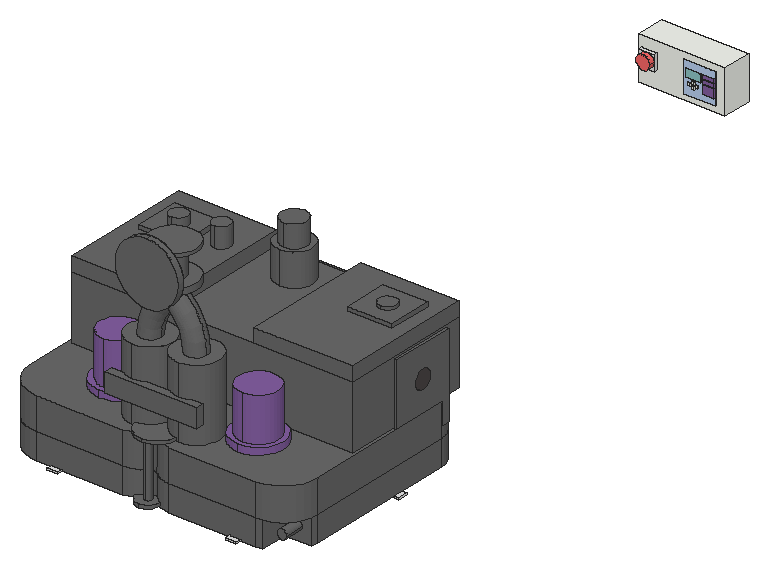
Revit family "11070", category Generic Models, Revit 2021
Family settings
  Can host rebar = No
  Round Connector Dimension = Use Diameter
  Part Type = Normal
  Work Plane-Based = No
  Always vertical = Yes
  Cut with Voids When Loaded = No
  Shared = Yes
  Room Calculation Point = No
Parameters (values of type "11070")
  SUPPLIER = "KESSEL"
  SA700ID49 = "Protection Class I"
  SA700ID48 = "no"
  SA700ID47 = "no"
  SA700ID46 = "yes"
  SA700ID37 = 20000 mm
  SA700ID34 = 55
  SA700ID33 = 4.2 W
  SA700ID32 = 193.58 kg
  SA700ID31 = 1
  SA700ID30 = 2
  SA700ID29 = "GLRD"
  SA700ID21 = 2000
  SA700ID10 = "yes"
  SA700ID08 = 400 V
  PROCUREWEBLINK = "https://p.caden.as/kessel/11070"
  PROCURELINK = "p.caden.as/kessel/11070"
  PROCUREDATALASTUPDATE = "2024-05-22T12:17:57.430884953+01:00"
  PREVIEW = "../../bilder/ksb_w_11070.png"
  PRC_SPECIFICATIONLINK = "https://ausschreiben.de/catalog/kessel/catalogItem/820a36ea-803e-4242-99a8-0a0430eafb51"
  NN = "Lifting station Aqualift F XL"
  NBSYN = "$SA810ID03."
  NB = "11070"
  Model = "11070"
  Manufacturer = "KESSEL"
  MIdent = "{$CADENAS_DATA/23d-libs/kessel/kessel_vdi_import/4/entwaesserung/hebeanlage20aqualift20f20xl.prj},201 {STYP=ASS},{VTYP=3D},{NB=11070},{LINA=11070},{NN=Lifting station Aqualift F XL},{DATE=21.11.2022 10:48:11},{GEOMDATE=21.11.2022 10:48:11},{VERSION=},{LINEID=450},{WBVAR=LODLEVEL},{WBNUMERIC=LODLEVEL}  {NB=11070},{LINA=11070},{KT=DUMMY},{PREVIEW=../../bilder/ksb_w_11070.png},{SA700ID04=Hebeanlage Aqualift F XL 450 l, Duo, SPF 4500-S3, Gussschieber},{SA810ID06=04026092057377},{SA700ID34=55.00},{SA010ID03=201805},{SA810ID03=11070},{SA810ID10=Aqualift F XL 4500W-S3 Duo 450L m.S.G.KESSEL Aqualift F XL Hebeanlage für fäkalienhaltiges und fäkalienfreies Abwasser. Zur Aufstellung in frostgeschützten Räumen.Duoanlage mit zwei Pumpen des Typs SPF 4500-S3 Sammelbehälter aus Polyethylen, mit verschraubter Reinigungsöffnung,Anschlussstutzen für Zulauf von oben DN100/150.Inklusive Tauchrohr zur pneumatischen Niveauerfassung,Entlüftungsanschluss DN 70 und Anschluss für eine Handmembranpumpe DN 32.Behälter inklusive Haltewinkel zur Auftriebssicherung.Behältervolumen 450 Liter, max. Nutzvolumen bei Zulauf von oben ca. 250 Liter.Zwei seitliche und drei rückseitige Anbohrflächen zur Montage weiterer Zuläufe bis DN 200 unter Verwendung von Durchgangsdichtungen.Inklusive KESSEL Schaltgerät Aqualift Comfort 400 V.Anwenderfreundliche Menüführung im mehrzeiligem Display. MitSelbstdiagnosesystem (SDS) und Erinnerungsfunktion für nächste Wartung.Anzeige der aktuellen Messwerte. Einfache Einstellung derfunktionsrelevanten Parameter, inklusive Betriebsstundenzähler und potentialfreiem Kontakt. Optionale Weiterleitung von Alarm- und Sammelstörmeldung über GSM Schnittstelle.Schaltgerät mit Volltextanzeige in sechs Sprachen.Abwasserpumpe(n) mit Freistromrad zur Förderung von fäkalienfreiem und fäkalienhaltigem Abwasser gemäß DIN EN 12050-1. Freier Kugeldurchgang mindestens 40 mm. Pumpe(n) überflutungssicher.Inklusive Rückflussverhinderer, mit Druckabgang aus Grauguss DN 80. nach DIN 2501. Inklusive einem Absperrschieber.Pumpe(n) Typ SPF 4500-S3Fördermenge: max. 56 m³/hFörderhöhe: max. 20 mNennleistung (P2): 3,7 KW je PumpeAufnahmeleistung (P1): 4,5 KW je PumpeBetriebsspannung: 400 V DSNennfrequenz: 50 HzNennstrom: 7,4 AAbsicherung: 3 x C 25 ASchutzart (Pumpe): IP68 3mWS/48hSchutzart (Schaltgerät): IP 65Bertiebsart: S3 (50 % Einschaltdauer)Kabellänge: 5 mAußenmaße Anlage mit 450 Liter Behälter (BxTxH): 1260 x 960 x 770 mmGewicht ca. 193,58 kg},{SA700ID37=20.00},{SA700ID33=4.20},{SA700ID08=400},{SA700ID30=2},{SA700ID32=193.58},{SA700ID49=Schutzklasse I},{SA700ID50=intern},{SA200ID03=6},{SA250ID03=vertikal},{SA260ID03=Trockenläuferpumpe},{SA350ID03=normalansaugend},{SA400ID03=E-Motor für Drehstrom},{SA460ID03=direkt},{SA500ID03=Kunststoff, Edelstahl},{SA700ID06=80},{SA700ID07=100},{SA700ID09=3/N/PE 400V},{SA700ID10=Ja},{SA700ID11=50},{SA700ID12=IP 68},{SA700ID13=F},{SA700ID15=40},{SA700ID21=2000.00},{SA700ID22=3.50},{SA700ID23=2850},{SA700ID24=2850},{SA700ID26=7.50},{SA700ID27=56.00},{SA700ID28=durchgehend},{SA700ID29=GLRD},{SA700ID31=1},{SA700ID46=ja},{SA700ID47=nein},{SA700ID48=nein},{SA110ID04=Hebeanlage Aqualift F XL},{SA300ID03=einstufig},{SA700ID44=10.00},{SA700ID45=10.00},{SA010ID04=KESSEL AG},{LODLEVEL=200},{LINK=https://www.kessel.de/info?han=11070},{SA970ID01=970},{SA970ID02=7204},{SA970ID03=11070},{SA970ID04=11002617},{SA970ID05=QUAD},{SA970ID06=-655.51},{SA970ID07=-850.01},{SA970ID08=0},{SA970ID09=1},{SA970ID10=0},{SA970ID11=0},{SA970ID12=0},{SA970ID13=1},{SA970ID14=0},{SA970ID15=1311.02},{SA970ID16=1000.01},{SA970ID17=1037.75},{LODLEVEL_=200,'Low'},{LODLEVEL_DEU=200,'Low'},{LINK_=https://www.kessel.de/info?han=11070},{LINK_DEU=https://www.kessel.de/info?han=11070},{LODLEVEL_3DB=11070_200},{DNIN1=100},{DNIN2=70},{DNIN4=10},{DNIN5=10},{DNIN6=50},{DNIN7=50},{DNIN8=50},{DNIN9=50},{DNOUT1=32},{DNOUT2=100},{DNOUT3=70},{ISD1=96},{ISD2=10},{ISDOUT1=40},{ISDOUT2=85},{ISDOUT3=65},{SA010ID01=010},{SA010ID02=4},{SA010ID06=www.kessel.de},{SA010ID07=www.kessel.de},{SA010ID12=20180713},{SA010ID13=DEU},{SA010ID14=DE},{SA100ID01=100},{SA100ID02=4},{SA100ID04=Entwässerung},{SA110ID01=110},{SA110ID02=6},{SA200ID01=200},{SA200ID02=6},{SA250ID01=250},{SA250ID02=2},{SA260ID01=260},{SA260ID02=2},{SA300ID01=300},{SA300ID02=1},{SA350ID01=350},{SA350ID02=1},{SA400ID01=400},{SA400ID02=2},{SA460ID01=460},{SA460ID02=1},{SA500ID01=500},{SA500ID02=1},{SA700ID01=700},{SA700ID02=62},{SA700ID10_=1},{SA700ID16=0},{SA700ID25=0},{SA700ID46_=1},{SA700ID47_=0},{SA700ID48_=0},{SA700ID49_=1},{SA700ID50_=2},{SA800ID01=800},{SA800ID02=26},{SA810ID01=810},{SA810ID02=62},{SA810ID04=11070},{SA810ID07=62},{SA810ID09=1},{SA810ID14=PCE},{SA810ID15=1},{SA810ID16=NMP},{SA960ID03=62},{SA960ID04=3L},{SA960ID08=https://www.kessel.de/info?han=11070},{SA010ID08=4026092000007},{SA100ID05=Hebeanlage},{SA110ID06=Hebeanlage}"
  LINK = "https://www.kessel.de/info?han=11070"
  LINA = "11070"
  Default Elevation = 0 mm
  CREATOR = "CADENAS GmbH"
  CATALOG = "KESSEL"
  BOMINFO = "LINA"
  ARTICLENO = "NB"
  4.810.00.9 Order quantity (multiplicator) = "1"
  4.810.00.7 Media- connection number = "62"
  4.810.00.6 GTIN number = "04026092057377"
  4.810.00.4 DATANORM number = "11070"
  4.810.00.3 Producer order number = "11070"
  4.710.03.7 Mass (net) = 193.58 kg
  4.710.03.6 Height = 1027 mm
  4.710.03.5 Width = 1089 mm
  4.710.03.4 Length = 1260 mm
  4.710.03.3 Type of dimensions = "2"
  4.710.02.8 Area of application of wastewater pump = "1"
  4.710.02.7 Art des S2/S3-Betriebs = "50 %"
  4.710.02.6 Duty type = "S3"
  4.710.02.5 Cutting device = "0"
  4.710.02.4 Attached pump control = "1"
  4.710.02.3 Free passage = 40 mm
  4.710.01.6 Option to connect to building automation = "40"
  4.710.01.5 Load regulation = "0"
  4.710.01.4 Designation of closed-loop control = "250"
  4.710.01.3 Identifier for closed-loop control = "450"
  4.700.00.9 Voltage = 0
  4.700.00.8 Nominal connection size on suction side = "100"
  4.700.00.7 Nominal connection size on pressure side = "100"
  4.700.00.6 Type of connection = "80"
  4.700.00.4 Product indentification = "Hebeanlage Aqualift F XL 450 l, Duo, SPF 4500-S3, Gussschieber"
  4.700.00.28 Motor pump shaft = "durchgehend"
  4.700.00.27 Starting current = 56
  4.700.00.26 Maximum power consumption per pump / drive = 7.5
  4.700.00.25 Minimum speed at internal speed adjustment = 0
  4.700.00.24 Nominal speed / maximum speed n = 47.5
  4.700.00.23 Nominal speed of motor = 47.5
  4.700.00.22 Maximum shaft output (P2) per pump/drive = 3.5 W
  4.700.00.16 Maximum temperature of pumped medium = 0 °C
  4.700.00.15 Increased safety class = "40 °C"
  4.700.00.13 Type of protection = "F"
  4.700.00.12 Frequency = 0
  4.700.00.11 Stern-/Dreieck-Anlaufschaltung bei Dreiphasenanschluss oder Drehstrom = "50 Hz"
  4.700.00.10 Phase = "1"
  4.500.00.3 Variant / Variant type / Accessories-name = "Kunststoff, Edelstahl"
  4.460.00.3 Variant / Variant type / Accessories-name = "direkt"
  4.400.00.3 Variant / Variant type / Accessories-name = "E-Motor für Drehstrom"
  4.350.00.3 Variant / Variant type / Accessories-name = "normalansaugend"
  4.300.00.3 Variant / Variant type / Accessories-name = "einstufig"
  4.260.00.3 Variant / Variant type / Accessories-name = "Trockenläuferpumpe"
  4.250.00.3 Variant / Variant type / Accessories-name = "vertikal"
  4.200.00.3 Variant / Variant type / Accessories-name = "6"
  4.110.00.6 Product classification = "Hebeanlage"
  4.110.00.4 Product indentification = "Hebeanlage Aqualift F XL"
  4.100.00.5 Main groups of wares = "Hebeanlage"
  4.100.00.4 Product indentification = "Entwässerung"
  4.010.00.8 Producer ID number = "4026092000007"
  4.010.00.7 Comment = "www.kessel.de"
  4.010.00.6 Web address of the manufacturer = "www.kessel.de"
  4.010.00.4 Manufacturer name = "KESSEL AG"
  4.010.00.3 Date of issuance (month) of guideline = "201805"
  4.010.00.2 Sheet number of the guideline = "4"
  4.010.00.14 Kennungen der Projektländer, für die die Datei gültig ist = "DE"
  4.010.00.13 Sprache der Datei = "DEU"
  4.010.00.12 Stand des Herstellerkatalogs = "20180713"
Reference planes
  plane 1 "Center (Front/Back)": y = 0
  plane 2: z = 0
  plane 3 "Center (Left/Right)": x = 0
Dimensions and locks
  aligned and locked: level to plane 2
Nested families
  nested 1: "11070_content" at (0, 0, 0), type "11070_Content"
  nested 2: "11070_part1_X0Y0" at (1000, 1000, 1200), type "11070_PART1_X0Y0"
  nested 3: "11070_part2_X0Y0" at (0, 0, 0), type "11070_PART2_X0Y0"
Connectors
  electrical at (861, 933, 1201.5)
    settings: on nested 2, index 1, voltage 0 V, apparent load 0 VA, apparent load phase1 0 VA, apparent load phase2 0 VA, apparent load phase3 0 VA, power factor 1, load classification "Other", number of poles 1, system type 31, power factor state 1, is connector primary yes, connector utility no, sub classification motor no, connector description ""
  piping at (0, 0, 771), diameter 100
    settings: on nested 3, index 2, connector inside diameter 609.6 mm, connector length 0 mm, flow factor 0, pipe flow 0.0 L/s, pressure drop 0.0 Pa, fitting loss kfactor 0, connector angle 0.00°, fixture units 0, engagement length 0 mm, angle of deflection 0.00°, flow configuration 0, flow direction 1, fitting loss method 2, system type 8, joint type 0, gender type 0, connector reference index -1, connector utility 0, adjustable connector no, is connector primary yes, connector description ""
  piping at (631, -85, 392), diameter 70
    settings: on nested 3, index 3, connector inside diameter 609.6 mm, connector length 0 mm, flow factor 0, pipe flow 0.0 L/s, pressure drop 0.0 Pa, fitting loss kfactor 0, connector angle 0.00°, fixture units 0, engagement length 0 mm, angle of deflection 0.00°, flow configuration 0, flow direction 0, fitting loss method 2, system type 8, joint type 0, gender type 0, connector reference index -1, connector utility 0, adjustable connector no, is connector primary no, connector description ""
  piping at (358.7, 150.5, 392), diameter 70
    settings: on nested 3, index 4, connector inside diameter 609.6 mm, connector length 0 mm, flow factor 0, pipe flow 0.0 L/s, pressure drop 0.0 Pa, fitting loss kfactor 0, connector angle 0.00°, fixture units 0, engagement length 0 mm, angle of deflection 0.00°, flow configuration 0, flow direction 0, fitting loss method 2, system type 8, joint type 0, gender type 0, connector reference index -1, connector utility 0, adjustable connector no, is connector primary no, connector description ""
  piping at (0, 150.5, 392), diameter 70
    settings: on nested 3, index 5, connector inside diameter 609.6 mm, connector length 0 mm, flow factor 0, pipe flow 0.0 L/s, pressure drop 0.0 Pa, fitting loss kfactor 0, connector angle 0.00°, fixture units 0, engagement length 0 mm, angle of deflection 0.00°, flow configuration 0, flow direction 0, fitting loss method 2, system type 8, joint type 0, gender type 0, connector reference index -1, connector utility 0, adjustable connector no, is connector primary no, connector description ""
  piping at (-357.7, 150.5, 392), diameter 70
    settings: on nested 3, index 6, connector inside diameter 609.6 mm, connector length 0 mm, flow factor 0, pipe flow 0.0 L/s, pressure drop 0.0 Pa, fitting loss kfactor 0, connector angle 0.00°, fixture units 0, engagement length 0 mm, angle of deflection 0.00°, flow configuration 0, flow direction 0, fitting loss method 2, system type 8, joint type 0, gender type 0, connector reference index -1, connector utility 0, adjustable connector no, is connector primary no, connector description ""
  piping at (-630.5, -85, 392), diameter 70
    settings: on nested 3, index 7, connector inside diameter 609.6 mm, connector length 0 mm, flow factor 0, pipe flow 0.0 L/s, pressure drop 0.0 Pa, fitting loss kfactor 0, connector angle 0.00°, fixture units 0, engagement length 0 mm, angle of deflection 0.00°, flow configuration 0, flow direction 0, fitting loss method 2, system type 8, joint type 0, gender type 0, connector reference index -1, connector utility 0, adjustable connector no, is connector primary no, connector description ""
  piping at (0, -660, 970), diameter 100
    settings: on nested 3, index 8, connector inside diameter 609.6 mm, connector length 0 mm, flow factor 0, pipe flow 0.0 L/s, pressure drop 0.0 Pa, fitting loss kfactor 0, connector angle 0.00°, fixture units 0, engagement length 0 mm, angle of deflection 0.00°, flow configuration 0, flow direction 2, fitting loss method 2, system type 7, joint type 0, gender type 0, connector reference index -1, connector utility 0, adjustable connector no, is connector primary no, connector description ""
  piping at (-270, -60, 681), diameter 70
    settings: on nested 3, index 9, connector inside diameter 609.6 mm, connector length 0 mm, flow factor 0, pipe flow 0.0 L/s, pressure drop 0.0 Pa, fitting loss kfactor 0, connector angle 0.00°, fixture units 0, engagement length 0 mm, angle of deflection 0.00°, flow configuration 0, flow direction 2, fitting loss method 2, system type 7, joint type 0, gender type 0, connector reference index -1, connector utility 0, adjustable connector no, is connector primary no, connector description ""
  piping at (565, -772.67, 61), diameter 32
    settings: on nested 3, index 10, connector inside diameter 609.6 mm, connector length 0 mm, flow factor 0, pipe flow 0.0 L/s, pressure drop 0.0 Pa, fitting loss kfactor 0, connector angle 0.00°, fixture units 0, engagement length 0 mm, angle of deflection 0.00°, flow configuration 0, flow direction 2, fitting loss method 2, system type 7, joint type 0, gender type 0, connector reference index -1, connector utility 0, adjustable connector no, is connector primary no, connector description ""
  electrical at (304.25, -577, 477)
    settings: on nested 3, index 11, voltage 0 V, apparent load 0 VA, apparent load phase1 0 VA, apparent load phase2 0 VA, apparent load phase3 0 VA, power factor 1, load classification "Other", number of poles 1, system type 31, power factor state 1, is connector primary no, connector utility no, sub classification motor no, connector description ""
  electrical at (-304.25, -577, 477)
    settings: on nested 3, index 12, voltage 0 V, apparent load 0 VA, apparent load phase1 0 VA, apparent load phase2 0 VA, apparent load phase3 0 VA, power factor 1, load classification "Other", number of poles 1, system type 31, power factor state 1, is connector primary no, connector utility no, sub classification motor no, connector description ""
  electrical at (-457.5, -59.5, 650)
    settings: on nested 3, index 13, voltage 0 V, apparent load 0 VA, apparent load phase1 0 VA, apparent load phase2 0 VA, apparent load phase3 0 VA, power factor 1, load classification "Other", number of poles 1, system type 31, power factor state 1, is connector primary no, connector utility no, sub classification motor no, connector description ""
Definition of nested family "11070_part1_X0Y0"
  Parameters (values of type "11070_PART1_X0Y0")
    SUPPLIER = "KESSEL"
    SA700ID49 = "Protection Class I"
    SA700ID48 = "no"
    SA700ID47 = "no"
    SA700ID46 = "yes"
    SA700ID37 = 20000 mm
    SA700ID34 = 55
    SA700ID33 = 4.2 W
    SA700ID32 = 193.58 kg
    SA700ID31 = 1
    SA700ID30 = 2
    SA700ID29 = "GLRD"
    SA700ID21 = 2000
    SA700ID10 = "yes"
    SA700ID08 = 400 V
    PREVIEW = "../../bilder/ksb_w_11070.png"
    NBSYN = "$SA810ID03._PART1"
    NB = "11070_PART1"
    Model = "11070_PART1"
    Manufacturer = "KESSEL"
    MIdent = "{$CADENAS_DATA/23d-libs/kessel/kessel_vdi_import/4/entwaesserung/hebeanlage20aqualift20f20xl.prj},221 {VTYP=3D},{NB=11070_PART1},{LINA=11070_PART1},{NN=Lifting station Aqualift F XL_PART1},{NOPRJ=TRUE},{DATE=21.11.2022 10:48:11},{GEOMDATE=21.11.2022 10:48:11},{VERSION=},{LINEID=450},{WBVAR=LODLEVEL},{WBNUMERIC=LODLEVEL}  {NB=11070_PART1},{LINA=11070_PART1},{KT=DUMMY},{PREVIEW=../../bilder/ksb_w_11070.png},{SA700ID04=Hebeanlage Aqualift F XL 450 l, Duo, SPF 4500-S3, Gussschieber},{SA810ID06=04026092057377},{SA700ID34=55.00},{SA010ID03=201805},{SA810ID03=11070},{SA810ID10=Aqualift F XL 4500W-S3 Duo 450L m.S.G.KESSEL Aqualift F XL Hebeanlage für fäkalienhaltiges und fäkalienfreies Abwasser. Zur Aufstellung in frostgeschützten Räumen.Duoanlage mit zwei Pumpen des Typs SPF 4500-S3 Sammelbehälter aus Polyethylen, mit verschraubter Reinigungsöffnung,Anschlussstutzen für Zulauf von oben DN100/150.Inklusive Tauchrohr zur pneumatischen Niveauerfassung,Entlüftungsanschluss DN 70 und Anschluss für eine Handmembranpumpe DN 32.Behälter inklusive Haltewinkel zur Auftriebssicherung.Behältervolumen 450 Liter, max. Nutzvolumen bei Zulauf von oben ca. 250 Liter.Zwei seitliche und drei rückseitige Anbohrflächen zur Montage weiterer Zuläufe bis DN 200 unter Verwendung von Durchgangsdichtungen.Inklusive KESSEL Schaltgerät Aqualift Comfort 400 V.Anwenderfreundliche Menüführung im mehrzeiligem Display. MitSelbstdiagnosesystem (SDS) und Erinnerungsfunktion für nächste Wartung.Anzeige der aktuellen Messwerte. Einfache Einstellung derfunktionsrelevanten Parameter, inklusive Betriebsstundenzähler und potentialfreiem Kontakt. Optionale Weiterleitung von Alarm- und Sammelstörmeldung über GSM Schnittstelle.Schaltgerät mit Volltextanzeige in sechs Sprachen.Abwasserpumpe(n) mit Freistromrad zur Förderung von fäkalienfreiem und fäkalienhaltigem Abwasser gemäß DIN EN 12050-1. Freier Kugeldurchgang mindestens 40 mm. Pumpe(n) überflutungssicher.Inklusive Rückflussverhinderer, mit Druckabgang aus Grauguss DN 80. nach DIN 2501. Inklusive einem Absperrschieber.Pumpe(n) Typ SPF 4500-S3Fördermenge: max. 56 m³/hFörderhöhe: max. 20 mNennleistung (P2): 3,7 KW je PumpeAufnahmeleistung (P1): 4,5 KW je PumpeBetriebsspannung: 400 V DSNennfrequenz: 50 HzNennstrom: 7,4 AAbsicherung: 3 x C 25 ASchutzart (Pumpe): IP68 3mWS/48hSchutzart (Schaltgerät): IP 65Bertiebsart: S3 (50 % Einschaltdauer)Kabellänge: 5 mAußenmaße Anlage mit 450 Liter Behälter (BxTxH): 1260 x 960 x 770 mmGewicht ca. 193,58 kg},{SA700ID37=20.00},{SA700ID33=4.20},{SA700ID08=400},{SA700ID30=2},{SA700ID32=193.58},{SA700ID49=Schutzklasse I},{SA700ID50=intern},{SA200ID03=6},{SA250ID03=vertikal},{SA260ID03=Trockenläuferpumpe},{SA350ID03=normalansaugend},{SA400ID03=E-Motor für Drehstrom},{SA460ID03=direkt},{SA500ID03=Kunststoff, Edelstahl},{SA700ID06=80},{SA700ID07=100},{SA700ID09=3/N/PE 400V},{SA700ID10=Ja},{SA700ID11=50},{SA700ID12=IP 68},{SA700ID13=F},{SA700ID15=40},{SA700ID21=2000.00},{SA700ID22=3.50},{SA700ID23=2850},{SA700ID24=2850},{SA700ID26=7.50},{SA700ID27=56.00},{SA700ID28=durchgehend},{SA700ID29=GLRD},{SA700ID31=1},{SA700ID46=ja},{SA700ID47=nein},{SA700ID48=nein},{SA110ID04=Hebeanlage Aqualift F XL},{SA300ID03=einstufig},{SA700ID44=10.00},{SA700ID45=10.00},{SA010ID04=KESSEL AG},{LODLEVEL=200},{LINK=https://www.kessel.de/info?han=11070},{SA970ID01=970},{SA970ID02=7204},{SA970ID03=11070},{SA970ID04=11002617},{SA970ID05=QUAD},{SA970ID06=-655.51},{SA970ID07=-850.01},{SA970ID08=0},{SA970ID09=1},{SA970ID10=0},{SA970ID11=0},{SA970ID12=0},{SA970ID13=1},{SA970ID14=0},{SA970ID15=1311.02},{SA970ID16=1000.01},{SA970ID17=1037.75},{LODLEVEL_=200,'Low'},{LODLEVEL_DEU=200,'Low'},{LINK_=https://www.kessel.de/info?han=11070},{LINK_DEU=https://www.kessel.de/info?han=11070},{LODLEVEL_3DB=11070_200},{DNIN1=100},{DNIN2=70},{DNIN4=10},{DNIN5=10},{DNIN6=50},{DNIN7=50},{DNIN8=50},{DNIN9=50},{DNOUT1=32},{DNOUT2=100},{DNOUT3=70},{ISD1=96},{ISD2=10},{ISDOUT1=40},{ISDOUT2=85},{ISDOUT3=65},{SA010ID01=010},{SA010ID02=4},{SA010ID06=www.kessel.de},{SA010ID07=www.kessel.de},{SA010ID12=20180713},{SA010ID13=DEU},{SA010ID14=DE},{SA100ID01=100},{SA100ID02=4},{SA100ID04=Entwässerung},{SA110ID01=110},{SA110ID02=6},{SA200ID01=200},{SA200ID02=6},{SA250ID01=250},{SA250ID02=2},{SA260ID01=260},{SA260ID02=2},{SA300ID01=300},{SA300ID02=1},{SA350ID01=350},{SA350ID02=1},{SA400ID01=400},{SA400ID02=2},{SA460ID01=460},{SA460ID02=1},{SA500ID01=500},{SA500ID02=1},{SA700ID01=700},{SA700ID02=62},{SA700ID10_=1},{SA700ID16=0},{SA700ID25=0},{SA700ID46_=1},{SA700ID47_=0},{SA700ID48_=0},{SA700ID49_=1},{SA700ID50_=2},{SA800ID01=800},{SA800ID02=26},{SA810ID01=810},{SA810ID02=62},{SA810ID04=11070},{SA810ID07=62},{SA810ID09=1},{SA810ID14=PCE},{SA810ID15=1},{SA810ID16=NMP},{SA960ID03=62},{SA960ID04=3L},{SA960ID08=https://www.kessel.de/info?han=11070},{SA010ID08=4026092000007},{SA100ID05=Hebeanlage},{SA110ID06=Hebeanlage}"
    LINK = "https://www.kessel.de/info?han=11070"
    LINA = "11070_PART1"
    Default Elevation = 1219.2 mm
    CREATOR = "CADENAS GmbH"
    CATALOG = "KESSEL"
    BOMINFO = "LINA"
    ARTICLENO = "NB"
    4.810.00.9 Order quantity (multiplicator) = "1"
    4.810.00.7 Media- connection number = "62"
    4.810.00.6 GTIN number = "04026092057377"
    4.810.00.4 DATANORM number = "11070"
    4.810.00.3 Producer order number = "11070"
    4.710.03.7 Mass (net) = 193.58 kg
    4.710.03.6 Height = 1027 mm
    4.710.03.5 Width = 1089 mm
    4.710.03.4 Length = 1260 mm
    4.710.03.3 Type of dimensions = "2"
    4.710.02.8 Area of application of wastewater pump = "1"
    4.710.02.7 Art des S2/S3-Betriebs = "50 %"
    4.710.02.6 Duty type = "S3"
    4.710.02.5 Cutting device = "0"
    4.710.02.4 Attached pump control = "1"
    4.710.02.3 Free passage = 40 mm
    4.710.01.6 Option to connect to building automation = "40"
    4.710.01.5 Load regulation = "0"
    4.710.01.4 Designation of closed-loop control = "250"
    4.710.01.3 Identifier for closed-loop control = "450"
    4.700.00.9 Voltage = 0
    4.700.00.8 Nominal connection size on suction side = "100"
    4.700.00.7 Nominal connection size on pressure side = "100"
    4.700.00.6 Type of connection = "80"
    4.700.00.4 Product indentification = "Hebeanlage Aqualift F XL 450 l, Duo, SPF 4500-S3, Gussschieber"
    4.700.00.28 Motor pump shaft = "durchgehend"
    4.700.00.27 Starting current = 56
    4.700.00.26 Maximum power consumption per pump / drive = 7.5
    4.700.00.25 Minimum speed at internal speed adjustment = 0
    4.700.00.24 Nominal speed / maximum speed n = 47.5
    4.700.00.23 Nominal speed of motor = 47.5
    4.700.00.22 Maximum shaft output (P2) per pump/drive = 3.5 W
    4.700.00.16 Maximum temperature of pumped medium = 0 °C
    4.700.00.15 Increased safety class = "40 °C"
    4.700.00.13 Type of protection = "F"
    4.700.00.12 Frequency = 0
    4.700.00.11 Stern-/Dreieck-Anlaufschaltung bei Dreiphasenanschluss oder Drehstrom = "50 Hz"
    4.700.00.10 Phase = "1"
    4.500.00.3 Variant / Variant type / Accessories-name = "Kunststoff, Edelstahl"
    4.460.00.3 Variant / Variant type / Accessories-name = "direkt"
    4.400.00.3 Variant / Variant type / Accessories-name = "E-Motor für Drehstrom"
    4.350.00.3 Variant / Variant type / Accessories-name = "normalansaugend"
    4.300.00.3 Variant / Variant type / Accessories-name = "einstufig"
    4.260.00.3 Variant / Variant type / Accessories-name = "Trockenläuferpumpe"
    4.250.00.3 Variant / Variant type / Accessories-name = "vertikal"
    4.200.00.3 Variant / Variant type / Accessories-name = "6"
    4.110.00.6 Product classification = "Hebeanlage"
    4.110.00.4 Product indentification = "Hebeanlage Aqualift F XL"
    4.100.00.5 Main groups of wares = "Hebeanlage"
    4.100.00.4 Product indentification = "Entwässerung"
    4.010.00.8 Producer ID number = "4026092000007"
    4.010.00.7 Comment = "www.kessel.de"
    4.010.00.6 Web address of the manufacturer = "www.kessel.de"
    4.010.00.4 Manufacturer name = "KESSEL AG"
    4.010.00.3 Date of issuance (month) of guideline = "201805"
    4.010.00.2 Sheet number of the guideline = "4"
    4.010.00.14 Kennungen der Projektländer, für die die Datei gültig ist = "DE"
    4.010.00.13 Sprache der Datei = "DEU"
    4.010.00.12 Stand des Herstellerkatalogs = "20180713"
  Reference planes
    plane 1 "Center (Front/Back)": y = 0
    plane 2: z = 0
    plane 3 "Center (Left/Right)": x = 0
  Dimensions and locks
    aligned and locked: level to plane 2
  Nested families
    nested 1: "11070_part1_content" at (0, 0, 0), type "11070_PART1_Content"
  Definition of nested family "11070_part1_content"
    Parameters (values of type "11070_PART1_Content")
      SUPPLIER = "KESSEL"
      SA700ID49 = "Protection Class I"
      SA700ID48 = "no"
      SA700ID47 = "no"
      SA700ID46 = "yes"
      SA700ID37 = 20000 mm
      SA700ID34 = 55
      SA700ID33 = 4.2 W
      SA700ID32 = 193.58 kg
      SA700ID31 = 1
      SA700ID30 = 2
      SA700ID29 = "GLRD"
      SA700ID21 = 2000
      SA700ID10 = "yes"
      SA700ID08 = 400 V
      PREVIEW = "../../bilder/ksb_w_11070.png"
      NBSYN = "$SA810ID03._PART1"
      NB = "11070_PART1"
      Model = "11070_PART1"
      Manufacturer = "KESSEL"
      LINK = "https://www.kessel.de/info?han=11070"
      LINA = "11070_PART1"
      Default Elevation = 1219.2 mm
      CREATOR = "CADENAS GmbH"
      CATALOG = "KESSEL"
      BOMINFO = "LINA"
      ARTICLENO = "NB"
      4.810.00.9 Order quantity (multiplicator) = "1"
      4.810.00.7 Media- connection number = "62"
      4.810.00.6 GTIN number = "04026092057377"
      4.810.00.4 DATANORM number = "11070"
      4.810.00.3 Producer order number = "11070"
      4.710.03.7 Mass (net) = 193.58 kg
      4.710.03.6 Height = 1027 mm
      4.710.03.5 Width = 1089 mm
      4.710.03.4 Length = 1260 mm
      4.710.03.3 Type of dimensions = "2"
      4.710.02.8 Area of application of wastewater pump = "1"
      4.710.02.7 Art des S2/S3-Betriebs = "50 %"
      4.710.02.6 Duty type = "S3"
      4.710.02.5 Cutting device = "0"
      4.710.02.4 Attached pump control = "1"
      4.710.02.3 Free passage = 40 mm
      4.710.01.6 Option to connect to building automation = "40"
      4.710.01.5 Load regulation = "0"
      4.710.01.4 Designation of closed-loop control = "250"
      4.710.01.3 Identifier for closed-loop control = "450"
      4.700.00.9 Voltage = 0
      4.700.00.8 Nominal connection size on suction side = "100"
      4.700.00.7 Nominal connection size on pressure side = "100"
      4.700.00.6 Type of connection = "80"
      4.700.00.4 Product indentification = "Hebeanlage Aqualift F XL 450 l, Duo, SPF 4500-S3, Gussschieber"
      4.700.00.28 Motor pump shaft = "durchgehend"
      4.700.00.27 Starting current = 56
      4.700.00.26 Maximum power consumption per pump / drive = 7.5
      4.700.00.25 Minimum speed at internal speed adjustment = 0
      4.700.00.24 Nominal speed / maximum speed n = 47.5
      4.700.00.23 Nominal speed of motor = 47.5
      4.700.00.22 Maximum shaft output (P2) per pump/drive = 3.5 W
      4.700.00.16 Maximum temperature of pumped medium = 0 °C
      4.700.00.15 Increased safety class = "40 °C"
      4.700.00.13 Type of protection = "F"
      4.700.00.12 Frequency = 0
      4.700.00.11 Stern-/Dreieck-Anlaufschaltung bei Dreiphasenanschluss oder Drehstrom = "50 Hz"
      4.700.00.10 Phase = "1"
      4.500.00.3 Variant / Variant type / Accessories-name = "Kunststoff, Edelstahl"
      4.460.00.3 Variant / Variant type / Accessories-name = "direkt"
      4.400.00.3 Variant / Variant type / Accessories-name = "E-Motor für Drehstrom"
      4.350.00.3 Variant / Variant type / Accessories-name = "normalansaugend"
      4.300.00.3 Variant / Variant type / Accessories-name = "einstufig"
      4.260.00.3 Variant / Variant type / Accessories-name = "Trockenläuferpumpe"
      4.250.00.3 Variant / Variant type / Accessories-name = "vertikal"
      4.200.00.3 Variant / Variant type / Accessories-name = "6"
      4.110.00.6 Product classification = "Hebeanlage"
      4.110.00.4 Product indentification = "Hebeanlage Aqualift F XL"
      4.100.00.5 Main groups of wares = "Hebeanlage"
      4.100.00.4 Product indentification = "Entwässerung"
      4.010.00.8 Producer ID number = "4026092000007"
      4.010.00.7 Comment = "www.kessel.de"
      4.010.00.6 Web address of the manufacturer = "www.kessel.de"
      4.010.00.4 Manufacturer name = "KESSEL AG"
      4.010.00.3 Date of issuance (month) of guideline = "201805"
      4.010.00.2 Sheet number of the guideline = "4"
      4.010.00.14 Kennungen der Projektländer, für die die Datei gültig ist = "DE"
      4.010.00.13 Sprache der Datei = "DEU"
      4.010.00.12 Stand des Herstellerkatalogs = "20180713"
    Reference planes
      plane 1 "Center (Front/Back)": y = 0
      plane 2: z = 0
      plane 3 "Center (Left/Right)": x = 0
    Forms (mm)
      Extrusion 1, solid, detail levels medium+fine
        sketch origin (189.25, -1.75, 0.2) x (0, -1, 0) y (0, 0, 1)
          loop
            line (0, 187.8) -> (0, 0) -> (127.75, 0) -> (127.75, 187.8) -> (0, 187.8)
        from 0 to 378.5
      Extrusion 2, solid, detail levels medium+fine
        sketch origin (-4, -67, 0) x (0, 1, 0) y (-1, 0, 0)
          loop
            circle (0, 0) r 12.5
        from 0 to 1.5
      Extrusion 3, solid, detail levels medium+fine
        sketch origin (150.8, -129.5, 26.5) x (0, -1, 0) y (0, 0, 1)
          loop
            line (-1.2, 134.8) -> (-1.2, 0) -> (0.25, 0) -> (0.25, 134.8) -> (-1.2, 134.8)
        from 0 to 139.9
      Extrusion 4, solid, detail levels medium+fine
        sketch origin (72.55, -129.75, 66) x (0, -1, 0) y (0, 0, 1)
          loop
            line (-1, 12) -> (-1, 0) -> (0.5, 0) -> (0.5, 12) -> (-1, 12)
        from 0 to 12
      Extrusion 5, solid, detail levels medium+fine
        sketch origin (84.45, -129.75, 93.4) x (0, -1, 0) y (0, 0, 1)
          loop
            line (-1, 37) -> (-1, 0) -> (0.5, 0) -> (0.5, 37) -> (-1, 37)
        from 0 to 66
      Extrusion 6, solid, detail levels medium+fine
        sketch origin (55.3, -129.75, 74) x (0, -1, 0) y (0, 0, 1)
          loop
            line (-1, 12) -> (-1, 0) -> (0.5, 0) -> (0.5, 12) -> (-1, 12)
        from 0 to 12
      Extrusion 7, solid, detail levels medium+fine
        sketch origin (143.3, -129.75, 94.4) x (0, -1, 0) y (0, 0, 1)
          loop
            line (0, 16) -> (0, 0) -> (1.75, 0) -> (1.75, 16) -> (0, 16)
        from 0 to 51
      Extrusion 8, solid, detail levels medium+fine
        sketch origin (143.3, -129.75, 54.4) x (0, -1, 0) y (0, 0, 1)
          loop
            line (0, 36) -> (0, 0) -> (1.75, 0) -> (1.75, 36) -> (0, 36)
        from 0 to 51
      Extrusion 9, solid, detail levels medium+fine
        sketch origin (55.3, -129.75, 57.5) x (0, -1, 0) y (0, 0, 1)
          loop
            line (-1, 12) -> (-1, 0) -> (0.5, 0) -> (0.5, 12) -> (-1, 12)
        from 0 to 12
      Extrusion 10, solid, detail levels medium+fine
        sketch origin (143.3, -129.75, 114.4) x (0, -1, 0) y (0, 0, 1)
          loop
            line (0, 16) -> (0, 0) -> (1.75, 0) -> (1.75, 16) -> (0, 16)
        from 0 to 51
      Extrusion 11, solid, detail levels medium+fine
        sketch origin (38.05, -129.75, 66) x (0, -1, 0) y (0, 0, 1)
          loop
            line (-1, 12) -> (-1, 0) -> (0.5, 0) -> (0.5, 12) -> (-1, 12)
        from 0 to 12
      Extrusion 12, solid, detail levels medium+fine
        sketch origin (47, -72, 0) x (0, 1, 0) y (-1, 0, 0)
          loop
            circle (0, 0) r 8
        from 0 to 1.5
      Extrusion 13, solid, detail levels medium+fine
        sketch origin (47, -42, 0) x (0, 1, 0) y (-1, 0, 0)
          loop
            circle (0, 0) r 5.25
        from 0 to 1.5
      Extrusion 14, solid, detail levels medium+fine
        sketch origin (77, -72, 0) x (0, 1, 0) y (-1, 0, 0)
          loop
            circle (0, 0) r 8
        from 0 to 1.5
      Extrusion 15, solid, detail levels medium+fine
        sketch origin (-94, -67, 0) x (0, 1, 0) y (-1, 0, 0)
          loop
            circle (0, 0) r 12.5
        from 0 to 1.5
      Extrusion 16, solid, detail levels medium+fine
        sketch origin (92, -42, 0) x (0, 1, 0) y (-1, 0, 0)
          loop
            circle (0, 0) r 8
        from 0 to 1.5
      Extrusion 17, solid, detail levels medium+fine
        sketch origin (107, -72, 0) x (0, 1, 0) y (-1, 0, 0)
          loop
            circle (0, 0) r 8
        from 0 to 1.5
      Extrusion 18, solid, detail levels medium+fine
        sketch origin (122, -42, 0) x (0, 1, 0) y (-1, 0, 0)
          loop
            circle (0, 0) r 8
        from 0 to 1.5
      Extrusion 19, solid, detail levels medium+fine
        sketch origin (-107.7, -129.5, 76.9) x (0, -1, 0) y (0, 0, 1)
          loop
            line (0, 67) -> (0, 0) -> (14, 0) -> (14, 67) -> (0, 67)
        from 0 to 67
      Extrusion 20, solid, detail levels medium+fine
        sketch origin (-141.2, -143.5, 110.4) x (1, 0, 0) y (0, 0, 1)
          loop
            circle (0, 0) r 30
        from 0 to 22
      Extrusion 21, solid, detail levels medium+fine
        sketch origin (127, -15, 0) x (0, 1, 0) y (-1, 0, 0)
          loop
            circle (0, 0) r 6
        from 0 to 1.5
      Extrusion 22, solid, detail levels medium+fine
        sketch origin (137, -72, 0) x (0, 1, 0) y (-1, 0, 0)
          loop
            circle (0, 0) r 8
        from 0 to 1.5
      Extrusion 23, solid, detail levels medium+fine
        sketch origin (-139, -67, 0) x (0, 1, 0) y (-1, 0, 0)
          loop
            circle (0, 0) r 12.5
        from 0 to 1.5
      Extrusion 24, solid, detail levels medium+fine
        sketch origin (152, -42, 0) x (0, 1, 0) y (-1, 0, 0)
          loop
            circle (0, 0) r 8
        from 0 to 1.5
      Extrusion 25, solid, detail levels coarse
        sketch origin (0, -83.625, 0) x (1, 0, 0) y (0, 1, 0)
          loop
            line (-189.25, -81.875) -> (189.25, -81.875) -> (189.25, 81.875) -> (-189.25, 81.875) -> (-189.25, -81.875)
        from 0 to 188
    Dimensions and locks
      aligned and locked: level to plane 2
Definition of nested family "11070_part2_X0Y0"
  Parameters (values of type "11070_PART2_X0Y0")
    SUPPLIER = "KESSEL"
    SA700ID49 = "Protection Class I"
    SA700ID48 = "no"
    SA700ID47 = "no"
    SA700ID46 = "yes"
    SA700ID37 = 20000 mm
    SA700ID34 = 55
    SA700ID33 = 4.2 W
    SA700ID32 = 193.58 kg
    SA700ID31 = 1
    SA700ID30 = 2
    SA700ID29 = "GLRD"
    SA700ID21 = 2000
    SA700ID10 = "yes"
    SA700ID08 = 400 V
    PREVIEW = "../../bilder/ksb_w_11070.png"
    NBSYN = "$SA810ID03._PART2"
    NB = "11070_PART2"
    Model = "11070_PART2"
    Manufacturer = "KESSEL"
    MIdent = "{$CADENAS_DATA/23d-libs/kessel/kessel_vdi_import/4/entwaesserung/hebeanlage20aqualift20f20xl.prj},221 {VTYP=3D},{NB=11070_PART2},{LINA=11070_PART2},{NN=Lifting station Aqualift F XL_PART2},{NOPRJ=TRUE},{DATE=21.11.2022 10:48:11},{GEOMDATE=21.11.2022 10:48:11},{VERSION=},{LINEID=450},{WBVAR=LODLEVEL},{WBNUMERIC=LODLEVEL}  {NB=11070_PART2},{LINA=11070_PART2},{KT=DUMMY},{PREVIEW=../../bilder/ksb_w_11070.png},{SA700ID04=Hebeanlage Aqualift F XL 450 l, Duo, SPF 4500-S3, Gussschieber},{SA810ID06=04026092057377},{SA700ID34=55.00},{SA010ID03=201805},{SA810ID03=11070},{SA810ID10=Aqualift F XL 4500W-S3 Duo 450L m.S.G.KESSEL Aqualift F XL Hebeanlage für fäkalienhaltiges und fäkalienfreies Abwasser. Zur Aufstellung in frostgeschützten Räumen.Duoanlage mit zwei Pumpen des Typs SPF 4500-S3 Sammelbehälter aus Polyethylen, mit verschraubter Reinigungsöffnung,Anschlussstutzen für Zulauf von oben DN100/150.Inklusive Tauchrohr zur pneumatischen Niveauerfassung,Entlüftungsanschluss DN 70 und Anschluss für eine Handmembranpumpe DN 32.Behälter inklusive Haltewinkel zur Auftriebssicherung.Behältervolumen 450 Liter, max. Nutzvolumen bei Zulauf von oben ca. 250 Liter.Zwei seitliche und drei rückseitige Anbohrflächen zur Montage weiterer Zuläufe bis DN 200 unter Verwendung von Durchgangsdichtungen.Inklusive KESSEL Schaltgerät Aqualift Comfort 400 V.Anwenderfreundliche Menüführung im mehrzeiligem Display. MitSelbstdiagnosesystem (SDS) und Erinnerungsfunktion für nächste Wartung.Anzeige der aktuellen Messwerte. Einfache Einstellung derfunktionsrelevanten Parameter, inklusive Betriebsstundenzähler und potentialfreiem Kontakt. Optionale Weiterleitung von Alarm- und Sammelstörmeldung über GSM Schnittstelle.Schaltgerät mit Volltextanzeige in sechs Sprachen.Abwasserpumpe(n) mit Freistromrad zur Förderung von fäkalienfreiem und fäkalienhaltigem Abwasser gemäß DIN EN 12050-1. Freier Kugeldurchgang mindestens 40 mm. Pumpe(n) überflutungssicher.Inklusive Rückflussverhinderer, mit Druckabgang aus Grauguss DN 80. nach DIN 2501. Inklusive einem Absperrschieber.Pumpe(n) Typ SPF 4500-S3Fördermenge: max. 56 m³/hFörderhöhe: max. 20 mNennleistung (P2): 3,7 KW je PumpeAufnahmeleistung (P1): 4,5 KW je PumpeBetriebsspannung: 400 V DSNennfrequenz: 50 HzNennstrom: 7,4 AAbsicherung: 3 x C 25 ASchutzart (Pumpe): IP68 3mWS/48hSchutzart (Schaltgerät): IP 65Bertiebsart: S3 (50 % Einschaltdauer)Kabellänge: 5 mAußenmaße Anlage mit 450 Liter Behälter (BxTxH): 1260 x 960 x 770 mmGewicht ca. 193,58 kg},{SA700ID37=20.00},{SA700ID33=4.20},{SA700ID08=400},{SA700ID30=2},{SA700ID32=193.58},{SA700ID49=Schutzklasse I},{SA700ID50=intern},{SA200ID03=6},{SA250ID03=vertikal},{SA260ID03=Trockenläuferpumpe},{SA350ID03=normalansaugend},{SA400ID03=E-Motor für Drehstrom},{SA460ID03=direkt},{SA500ID03=Kunststoff, Edelstahl},{SA700ID06=80},{SA700ID07=100},{SA700ID09=3/N/PE 400V},{SA700ID10=Ja},{SA700ID11=50},{SA700ID12=IP 68},{SA700ID13=F},{SA700ID15=40},{SA700ID21=2000.00},{SA700ID22=3.50},{SA700ID23=2850},{SA700ID24=2850},{SA700ID26=7.50},{SA700ID27=56.00},{SA700ID28=durchgehend},{SA700ID29=GLRD},{SA700ID31=1},{SA700ID46=ja},{SA700ID47=nein},{SA700ID48=nein},{SA110ID04=Hebeanlage Aqualift F XL},{SA300ID03=einstufig},{SA700ID44=10.00},{SA700ID45=10.00},{SA010ID04=KESSEL AG},{LODLEVEL=200},{LINK=https://www.kessel.de/info?han=11070},{SA970ID01=970},{SA970ID02=7204},{SA970ID03=11070},{SA970ID04=11002617},{SA970ID05=QUAD},{SA970ID06=-655.51},{SA970ID07=-850.01},{SA970ID08=0},{SA970ID09=1},{SA970ID10=0},{SA970ID11=0},{SA970ID12=0},{SA970ID13=1},{SA970ID14=0},{SA970ID15=1311.02},{SA970ID16=1000.01},{SA970ID17=1037.75},{LODLEVEL_=200,'Low'},{LODLEVEL_DEU=200,'Low'},{LINK_=https://www.kessel.de/info?han=11070},{LINK_DEU=https://www.kessel.de/info?han=11070},{LODLEVEL_3DB=11070_200},{DNIN1=100},{DNIN2=70},{DNIN4=10},{DNIN5=10},{DNIN6=50},{DNIN7=50},{DNIN8=50},{DNIN9=50},{DNOUT1=32},{DNOUT2=100},{DNOUT3=70},{ISD1=96},{ISD2=10},{ISDOUT1=40},{ISDOUT2=85},{ISDOUT3=65},{SA010ID01=010},{SA010ID02=4},{SA010ID06=www.kessel.de},{SA010ID07=www.kessel.de},{SA010ID12=20180713},{SA010ID13=DEU},{SA010ID14=DE},{SA100ID01=100},{SA100ID02=4},{SA100ID04=Entwässerung},{SA110ID01=110},{SA110ID02=6},{SA200ID01=200},{SA200ID02=6},{SA250ID01=250},{SA250ID02=2},{SA260ID01=260},{SA260ID02=2},{SA300ID01=300},{SA300ID02=1},{SA350ID01=350},{SA350ID02=1},{SA400ID01=400},{SA400ID02=2},{SA460ID01=460},{SA460ID02=1},{SA500ID01=500},{SA500ID02=1},{SA700ID01=700},{SA700ID02=62},{SA700ID10_=1},{SA700ID16=0},{SA700ID25=0},{SA700ID46_=1},{SA700ID47_=0},{SA700ID48_=0},{SA700ID49_=1},{SA700ID50_=2},{SA800ID01=800},{SA800ID02=26},{SA810ID01=810},{SA810ID02=62},{SA810ID04=11070},{SA810ID07=62},{SA810ID09=1},{SA810ID14=PCE},{SA810ID15=1},{SA810ID16=NMP},{SA960ID03=62},{SA960ID04=3L},{SA960ID08=https://www.kessel.de/info?han=11070},{SA010ID08=4026092000007},{SA100ID05=Hebeanlage},{SA110ID06=Hebeanlage}"
    LINK = "https://www.kessel.de/info?han=11070"
    LINA = "11070_PART2"
    Default Elevation = 1219.2 mm
    CREATOR = "CADENAS GmbH"
    CATALOG = "KESSEL"
    BOMINFO = "LINA"
    ARTICLENO = "NB"
    4.810.00.9 Order quantity (multiplicator) = "1"
    4.810.00.7 Media- connection number = "62"
    4.810.00.6 GTIN number = "04026092057377"
    4.810.00.4 DATANORM number = "11070"
    4.810.00.3 Producer order number = "11070"
    4.710.03.7 Mass (net) = 193.58 kg
    4.710.03.6 Height = 1027 mm
    4.710.03.5 Width = 1089 mm
    4.710.03.4 Length = 1260 mm
    4.710.03.3 Type of dimensions = "2"
    4.710.02.8 Area of application of wastewater pump = "1"
    4.710.02.7 Art des S2/S3-Betriebs = "50 %"
    4.710.02.6 Duty type = "S3"
    4.710.02.5 Cutting device = "0"
    4.710.02.4 Attached pump control = "1"
    4.710.02.3 Free passage = 40 mm
    4.710.01.6 Option to connect to building automation = "40"
    4.710.01.5 Load regulation = "0"
    4.710.01.4 Designation of closed-loop control = "250"
    4.710.01.3 Identifier for closed-loop control = "450"
    4.700.00.9 Voltage = 0
    4.700.00.8 Nominal connection size on suction side = "100"
    4.700.00.7 Nominal connection size on pressure side = "100"
    4.700.00.6 Type of connection = "80"
    4.700.00.4 Product indentification = "Hebeanlage Aqualift F XL 450 l, Duo, SPF 4500-S3, Gussschieber"
    4.700.00.28 Motor pump shaft = "durchgehend"
    4.700.00.27 Starting current = 56
    4.700.00.26 Maximum power consumption per pump / drive = 7.5
    4.700.00.25 Minimum speed at internal speed adjustment = 0
    4.700.00.24 Nominal speed / maximum speed n = 47.5
    4.700.00.23 Nominal speed of motor = 47.5
    4.700.00.22 Maximum shaft output (P2) per pump/drive = 3.5 W
    4.700.00.16 Maximum temperature of pumped medium = 0 °C
    4.700.00.15 Increased safety class = "40 °C"
    4.700.00.13 Type of protection = "F"
    4.700.00.12 Frequency = 0
    4.700.00.11 Stern-/Dreieck-Anlaufschaltung bei Dreiphasenanschluss oder Drehstrom = "50 Hz"
    4.700.00.10 Phase = "1"
    4.500.00.3 Variant / Variant type / Accessories-name = "Kunststoff, Edelstahl"
    4.460.00.3 Variant / Variant type / Accessories-name = "direkt"
    4.400.00.3 Variant / Variant type / Accessories-name = "E-Motor für Drehstrom"
    4.350.00.3 Variant / Variant type / Accessories-name = "normalansaugend"
    4.300.00.3 Variant / Variant type / Accessories-name = "einstufig"
    4.260.00.3 Variant / Variant type / Accessories-name = "Trockenläuferpumpe"
    4.250.00.3 Variant / Variant type / Accessories-name = "vertikal"
    4.200.00.3 Variant / Variant type / Accessories-name = "6"
    4.110.00.6 Product classification = "Hebeanlage"
    4.110.00.4 Product indentification = "Hebeanlage Aqualift F XL"
    4.100.00.5 Main groups of wares = "Hebeanlage"
    4.100.00.4 Product indentification = "Entwässerung"
    4.010.00.8 Producer ID number = "4026092000007"
    4.010.00.7 Comment = "www.kessel.de"
    4.010.00.6 Web address of the manufacturer = "www.kessel.de"
    4.010.00.4 Manufacturer name = "KESSEL AG"
    4.010.00.3 Date of issuance (month) of guideline = "201805"
    4.010.00.2 Sheet number of the guideline = "4"
    4.010.00.14 Kennungen der Projektländer, für die die Datei gültig ist = "DE"
    4.010.00.13 Sprache der Datei = "DEU"
    4.010.00.12 Stand des Herstellerkatalogs = "20180713"
  Reference planes
    plane 1 "Center (Front/Back)": y = 0
    plane 2: z = 0
    plane 3 "Center (Left/Right)": x = 0
  Dimensions and locks
    aligned and locked: level to plane 2
  Nested families
    nested 1: "11070_part2_content" at (0, 0, 0), type "11070_PART2_Content"
  Definition of nested family "11070_part2_content"
    Parameters (values of type "11070_PART2_Content")
      SUPPLIER = "KESSEL"
      SA700ID49 = "Protection Class I"
      SA700ID48 = "no"
      SA700ID47 = "no"
      SA700ID46 = "yes"
      SA700ID37 = 20000 mm
      SA700ID34 = 55
      SA700ID33 = 4.2 W
      SA700ID32 = 193.58 kg
      SA700ID31 = 1
      SA700ID30 = 2
      SA700ID29 = "GLRD"
      SA700ID21 = 2000
      SA700ID10 = "yes"
      SA700ID08 = 400 V
      PREVIEW = "../../bilder/ksb_w_11070.png"
      NBSYN = "$SA810ID03._PART2"
      NB = "11070_PART2"
      Model = "11070_PART2"
      Manufacturer = "KESSEL"
      LINK = "https://www.kessel.de/info?han=11070"
      LINA = "11070_PART2"
      Default Elevation = 1219.2 mm
      CREATOR = "CADENAS GmbH"
      CATALOG = "KESSEL"
      BOMINFO = "LINA"
      ARTICLENO = "NB"
      4.810.00.9 Order quantity (multiplicator) = "1"
      4.810.00.7 Media- connection number = "62"
      4.810.00.6 GTIN number = "04026092057377"
      4.810.00.4 DATANORM number = "11070"
      4.810.00.3 Producer order number = "11070"
      4.710.03.7 Mass (net) = 193.58 kg
      4.710.03.6 Height = 1027 mm
      4.710.03.5 Width = 1089 mm
      4.710.03.4 Length = 1260 mm
      4.710.03.3 Type of dimensions = "2"
      4.710.02.8 Area of application of wastewater pump = "1"
      4.710.02.7 Art des S2/S3-Betriebs = "50 %"
      4.710.02.6 Duty type = "S3"
      4.710.02.5 Cutting device = "0"
      4.710.02.4 Attached pump control = "1"
      4.710.02.3 Free passage = 40 mm
      4.710.01.6 Option to connect to building automation = "40"
      4.710.01.5 Load regulation = "0"
      4.710.01.4 Designation of closed-loop control = "250"
      4.710.01.3 Identifier for closed-loop control = "450"
      4.700.00.9 Voltage = 0
      4.700.00.8 Nominal connection size on suction side = "100"
      4.700.00.7 Nominal connection size on pressure side = "100"
      4.700.00.6 Type of connection = "80"
      4.700.00.4 Product indentification = "Hebeanlage Aqualift F XL 450 l, Duo, SPF 4500-S3, Gussschieber"
      4.700.00.28 Motor pump shaft = "durchgehend"
      4.700.00.27 Starting current = 56
      4.700.00.26 Maximum power consumption per pump / drive = 7.5
      4.700.00.25 Minimum speed at internal speed adjustment = 0
      4.700.00.24 Nominal speed / maximum speed n = 47.5
      4.700.00.23 Nominal speed of motor = 47.5
      4.700.00.22 Maximum shaft output (P2) per pump/drive = 3.5 W
      4.700.00.16 Maximum temperature of pumped medium = 0 °C
      4.700.00.15 Increased safety class = "40 °C"
      4.700.00.13 Type of protection = "F"
      4.700.00.12 Frequency = 0
      4.700.00.11 Stern-/Dreieck-Anlaufschaltung bei Dreiphasenanschluss oder Drehstrom = "50 Hz"
      4.700.00.10 Phase = "1"
      4.500.00.3 Variant / Variant type / Accessories-name = "Kunststoff, Edelstahl"
      4.460.00.3 Variant / Variant type / Accessories-name = "direkt"
      4.400.00.3 Variant / Variant type / Accessories-name = "E-Motor für Drehstrom"
      4.350.00.3 Variant / Variant type / Accessories-name = "normalansaugend"
      4.300.00.3 Variant / Variant type / Accessories-name = "einstufig"
      4.260.00.3 Variant / Variant type / Accessories-name = "Trockenläuferpumpe"
      4.250.00.3 Variant / Variant type / Accessories-name = "vertikal"
      4.200.00.3 Variant / Variant type / Accessories-name = "6"
      4.110.00.6 Product classification = "Hebeanlage"
      4.110.00.4 Product indentification = "Hebeanlage Aqualift F XL"
      4.100.00.5 Main groups of wares = "Hebeanlage"
      4.100.00.4 Product indentification = "Entwässerung"
      4.010.00.8 Producer ID number = "4026092000007"
      4.010.00.7 Comment = "www.kessel.de"
      4.010.00.6 Web address of the manufacturer = "www.kessel.de"
      4.010.00.4 Manufacturer name = "KESSEL AG"
      4.010.00.3 Date of issuance (month) of guideline = "201805"
      4.010.00.2 Sheet number of the guideline = "4"
      4.010.00.14 Kennungen der Projektländer, für die die Datei gültig ist = "DE"
      4.010.00.13 Sprache der Datei = "DEU"
      4.010.00.12 Stand des Herstellerkatalogs = "20180713"
    Reference planes
      plane 1 "Center (Front/Back)": y = 0
      plane 2: z = 0
      plane 3 "Center (Left/Right)": x = 0
    Forms (mm)
      Extrusion 1, solid, detail levels medium+fine
        sketch origin (-0.5, -660, 112.5) x (1, 0, 0) y (0, 1, 0)
          loop
            arc (-629.5, 0) -> (-585.566, -106.066) -> (-479.5, -150) r 150
            line (-479.5, -150) -> (-99.995, -150)
            arc (-99.995, -150) -> (-57.127, -141.301) -> (-21.04, -116.58) r 109.976
            arc (-21.04, -116.58) -> (0.5, -107.47) -> (22.04, -116.58) r 30.02
            arc (22.04, -116.58) -> (58.127, -141.301) -> (100.995, -150) r 109.976
            line (100.995, -150) -> (480.5, -150)
            arc (480.5, -150) -> (586.566, -106.066) -> (630.5, 0) r 150
            line (630.5, 0) -> (630.5, 677.961)
            arc (630.5, 677.961) -> (605.35, 744.274) -> (542.55, 777.23) r 99.997
            line (542.55, 777.23) -> (499.4, 782.28) -> (499.4, 800) -> (-498.4, 800) -> (-498.4, 782.28) -> (-541.55, 777.23)
            arc (-541.55, 777.23) -> (-604.35, 744.274) -> (-629.5, 677.961) r 99.997
            line (-629.5, 677.961) -> (-629.5, 0)
        from 0 to 143.5
      Extrusion 2, solid, detail levels medium+fine
        sketch origin (0, -660, 1) x (1, 0, 0) y (0, 1, 0)
          loop
            arc (-630, 0) -> (-586.066, -106.066) -> (-480, -150) r 150
            line (-480, -150) -> (-100.495, -150)
            arc (-100.495, -150) -> (-57.627, -141.301) -> (-21.54, -116.58) r 109.976
            arc (-21.54, -116.58) -> (0, -107.47) -> (21.54, -116.58) r 30.02
            line (21.54, -116.58) -> (23.04, -118.1)
            arc (23.04, -118.1) -> (58.613, -141.713) -> (100.498, -150) r 109.99
            line (100.498, -150) -> (480, -150)
            arc (480, -150) -> (494.569, -149.291) -> (509, -147.17) r 150.003
            line (509, -147.17) -> (509, -29.17) -> (627.14, -29.17)
            arc (627.14, -29.17) -> (629.282, -14.655) -> (630, 0) r 150.373
            line (630, 0) -> (630, 677.961)
            arc (630, 677.961) -> (604.85, 744.274) -> (542.05, 777.23) r 99.997
            line (542.05, 777.23) -> (498.9, 782.28) -> (498.9, 800) -> (-498.9, 800) -> (-498.9, 782.28) -> (-542.05, 777.23)
            arc (-542.05, 777.23) -> (-604.85, 744.274) -> (-630, 677.961) r 99.997
            line (-630, 677.961) -> (-630, 0)
        from 0 to 111.5
      Extrusion 3, solid, detail levels medium+fine
        sketch origin (-614.5, -448.4, 256) x (0, 1, 0) y (0, 0, 1)
          loop
            line (0, 279) -> (0, 0) -> (582.4, 0) -> (582.4, 279) -> (0, 279)
        from 0 to 1229
      Extrusion 4, solid, detail levels medium+fine
        sketch origin (0, 0, 535) x (0, 1, 0) y (-1, 0, 0)
          loop
            circle (0, 0) r 80
        from 0 to 140
      Extrusion 5, solid, detail levels medium+fine
        sketch origin (0, 0, 675) x (0, 1, 0) y (-1, 0, 0)
          loop
            circle (0, 0) r 55
        from 0 to 96
      Extrusion 6, solid, detail levels medium+fine
        sketch origin (-141.375, 134, 161) x (0, 1, 0) y (0, 0, 1)
          loop
            line (0, 366.75) -> (0, 0) -> (16, 0) -> (16, 366.75) -> (0, 366.75)
        from 0 to 281.75
      Extrusion 7, solid, detail levels medium+fine
        sketch origin (0, 149, 392) x (1, 0, 0) y (0, 0, -1)
          loop
            circle (0, 0) r 40
        from 0 to 1.5
      Extrusion 8, solid, detail levels medium+fine
        sketch origin (-304.25, -577, 256) x (0, 1, 0) y (-1, 0, 0)
          loop
            circle (0, 0) r 110
        from 0 to 30
      Extrusion 9, solid, detail levels medium+fine
        sketch origin (-304.25, -577, 286) x (0, 1, 0) y (-1, 0, 0)
          loop
            circle (0, 0) r 86
        from 0 to 191
      Extrusion 10, solid, detail levels medium+fine
        sketch origin (-101.5, -660, 256) x (0, 1, 0) y (-1, 0, 0)
          loop
            circle (0, 0) r 100
        from 0 to 312
      Extrusion 11, solid, detail levels medium+fine
        sketch origin (200.8, -749.5, 354) x (0, -1, 0) y (0, 0, 1)
          loop
            line (0, 80) -> (0, 0) -> (34, 0) -> (34, 80) -> (0, 80)
        from 0 to 401.6
      Extrusion 12, solid, detail levels medium+fine
        sketch origin (101.5, -660, 256) x (0, 1, 0) y (-1, 0, 0)
          loop
            circle (0, 0) r 100
        from 0 to 312
      Extrusion 13, solid, detail levels medium+fine
        sketch origin (0, -747, 256) x (0, 1, 0) y (-1, 0, 0)
          loop
            circle (0, 0) r 90
        from 0 to 12
      Extrusion 14, solid, detail levels medium+fine
        sketch origin (0, -800, 17) x (0, 1, 0) y (-1, 0, 0)
          loop
            circle (0, 0) r 15
        from 0 to 239
      Extrusion 15, solid, detail levels medium+fine
        sketch origin (0, -800, 3) x (0, 1, 0) y (-1, 0, 0)
          loop
            circle (0, 0) r 50
        from 0 to 14
      Revolve 16, solid, detail levels medium+fine
        sketch origin (100.5, -660, 568) x (-1, 0, 0) y (0, -1, 0)
          loop
            circle (0, 0) r 46.5
          axis (225, 0) -> (225, -1)
        angle from -60 to 0
      Extrusion 17, solid, detail levels medium+fine
        sketch origin (0, -660, 748) x (0, 1, 0) y (-1, 0, 0)
          loop
            circle (0, 0) r 46.5
        from 0 to 60
      Extrusion 18, solid, detail levels medium+fine
        sketch origin (0, -660, 808) x (0, 1, 0) y (-1, 0, 0)
          loop
            circle (0, 0) r 100
        from 0 to 27
      Extrusion 19, solid, detail levels medium+fine
        sketch origin (0, -660, 835) x (0, 1, 0) y (-1, 0, 0)
          loop
            circle (0, 0) r 47
        from 0 to 120.5
      Extrusion 20, solid, detail levels medium+fine
        sketch origin (0, -660, 900.25) x (0, 0, 1) y (-1, 0, 0)
          loop
            circle (0, 0) r 25
        from 0 to 100
      Revolve 21, solid, detail levels medium+fine
        sketch origin (0, -760, 900.25) x (-1, 0, 0) y (0, -1, 0)
          loop
            line (0, 0) -> (42, 0) -> (137.5, 20.5) -> (0, 20.5) -> (0, 0)
          axis (0, 20.5) -> (0, 0)
        angle from 0 to 360
      Extrusion 22, solid, detail levels medium+fine
        sketch origin (0, -780.5, 900.25) x (0, 0, 1) y (-1, 0, 0)
          loop
            circle (0, 0) r 137.5
        from 0 to 25
      Extrusion 23, solid, detail levels medium+fine
        sketch origin (0, -660, 955.5) x (0, 1, 0) y (-1, 0, 0)
          loop
            circle (0, 0) r 100
        from 0 to 14.5
      Revolve 24, solid, detail levels medium+fine
        sketch origin (-100.5, -660, 568) x (1, 0, 0) y (0, 1, 0)
          loop
            circle (0, 0) r 46.5
          axis (225, 0) -> (225, -1)
        angle from -60 to 0
      Extrusion 25, solid, detail levels medium+fine
        sketch origin (304.25, -577, 256) x (0, 1, 0) y (-1, 0, 0)
          loop
            circle (0, 0) r 110
        from 0 to 30
      Extrusion 26, solid, detail levels medium+fine
        sketch origin (304.25, -577, 286) x (0, 1, 0) y (-1, 0, 0)
          loop
            circle (0, 0) r 86
        from 0 to 191
      Extrusion 27, solid, detail levels medium+fine
        sketch origin (-614.5, -448.4, 535) x (0, 1, 0) y (0, 0, 1)
          loop
            line (0, 61) -> (0, 0) -> (582.4, 0) -> (582.4, 61) -> (0, 61)
        from 0 to 432
      Extrusion 28, solid, detail levels medium+fine
        sketch origin (-555, -157, 596) x (0, 1, 0) y (0, 0, 1)
          loop
            line (0, 17) -> (0, 0) -> (195, 0) -> (195, 17) -> (0, 17)
        from 0 to 195
      Extrusion 29, solid, detail levels medium+fine
        sketch origin (-457.5, -59.5, 613) x (0, 1, 0) y (-1, 0, 0)
          loop
            circle (0, 0) r 38
        from 0 to 37
      Extrusion 30, solid, detail levels medium+fine
        sketch origin (-270, -60, 596) x (0, 1, 0) y (-1, 0, 0)
          loop
            circle (0, 0) r 37.5
        from 0 to 85
      Extrusion 31, solid, detail levels medium+fine
        sketch origin (182.5, -448.4, 535) x (0, 1, 0) y (0, 0, 1)
          loop
            line (0, 61) -> (0, 0) -> (582.4, 0) -> (582.4, 61) -> (0, 61)
        from 0 to 432
      Extrusion 32, solid, detail levels medium+fine
        sketch origin (359, -157, 596) x (0, 1, 0) y (0, 0, 1)
          loop
            line (0, 17) -> (0, 0) -> (195, 0) -> (195, 17) -> (0, 17)
        from 0 to 195
      Extrusion 33, solid, detail levels medium+fine
        sketch origin (456.5, -59.5, 613) x (0, 1, 0) y (-1, 0, 0)
          loop
            circle (0, 0) r 38
        from 0 to 10
      Extrusion 34, solid, detail levels medium+fine
        sketch origin (-498.9, 134, 161) x (0, 1, 0) y (0, 0, 1)
          loop
            line (0, 366.75) -> (0, 0) -> (16, 0) -> (16, 366.75) -> (0, 366.75)
        from 0 to 281.75
      Extrusion 35, solid, detail levels medium+fine
        sketch origin (-357.7, 149, 392) x (1, 0, 0) y (0, 0, -1)
          loop
            circle (0, 0) r 40
        from 0 to 1.5
      Extrusion 36, solid, detail levels medium+fine
        sketch origin (217.15, 134, 161) x (0, 1, 0) y (0, 0, 1)
          loop
            line (0, 366.75) -> (0, 0) -> (16, 0) -> (16, 366.75) -> (0, 366.75)
        from 0 to 281.75
      Extrusion 37, solid, detail levels medium+fine
        sketch origin (358.7, 149, 392) x (1, 0, 0) y (0, 0, -1)
          loop
            circle (0, 0) r 40
        from 0 to 1.5
      Extrusion 38, solid, detail levels medium+fine
        sketch origin (412.5, -810, 0) x (0, -1, 0) y (0, 0, 1)
          loop
            line (0, 5) -> (0, 0) -> (26, 0) -> (26, 5) -> (0, 5)
        from 0 to 45
      Extrusion 39, solid, detail levels medium+fine
        sketch origin (-368.5, -810, 0) x (0, -1, 0) y (0, 0, 1)
          loop
            line (0, 5) -> (0, 0) -> (26, 0) -> (26, 5) -> (0, 5)
        from 0 to 45
      Extrusion 40, solid, detail levels medium+fine
        sketch origin (-614.5, 55.875, 161) x (0, -1, 0) y (0, 0, 1)
          loop
            line (0, 366.75) -> (0, 0) -> (281.75, 0) -> (281.75, 366.75) -> (0, 366.75)
        from 0 to 15.5
      Extrusion 41, solid, detail levels medium+fine
        sketch origin (-629, -85, 392) x (0, 1, 0) y (0, 0, -1)
          loop
            circle (0, 0) r 40
        from 0 to 1.5
      Extrusion 42, solid, detail levels medium+fine
        sketch origin (630, 55.875, 161) x (0, -1, 0) y (0, 0, 1)
          loop
            line (0, 366.75) -> (0, 0) -> (281.75, 0) -> (281.75, 366.75) -> (0, 366.75)
        from 0 to 15.5
      Extrusion 43, solid, detail levels medium+fine
        sketch origin (-630, -202.5, 0) x (0, -1, 0) y (0, 0, 1)
          loop
            line (0, 5) -> (0, 0) -> (45, 0) -> (45, 5) -> (0, 5)
        from 0 to 25.5
      Extrusion 44, solid, detail levels medium+fine
        sketch origin (655.5, -202.5, 0) x (0, -1, 0) y (0, 0, 1)
          loop
            line (0, 5) -> (0, 0) -> (45, 0) -> (45, 5) -> (0, 5)
        from 0 to 25.5
      Extrusion 45, solid, detail levels medium+fine
        sketch origin (565, -689.17, 61) x (1, 0, 0) y (0, 0, 1)
          loop
            circle (0, 0) r 20.2
        from 0 to 83.5
      Extrusion 46, solid, detail levels medium+fine
        sketch origin (629.5, -85, 392) x (0, -1, 0) y (0, 0, -1)
          loop
            circle (0, 0) r 40
        from 0 to 1.5
      Extrusion 47, solid, detail levels coarse
        sketch origin (0, -349.75, 0) x (1, 0, 0) y (0, 1, 0)
          loop
            line (-655.5, -500.25) -> (655.5, -500.25) -> (655.5, 500.25) -> (-655.5, 500.25) -> (-655.5, -500.25)
        from 0 to 1037.75
    Dimensions and locks
      aligned and locked: level to plane 2
